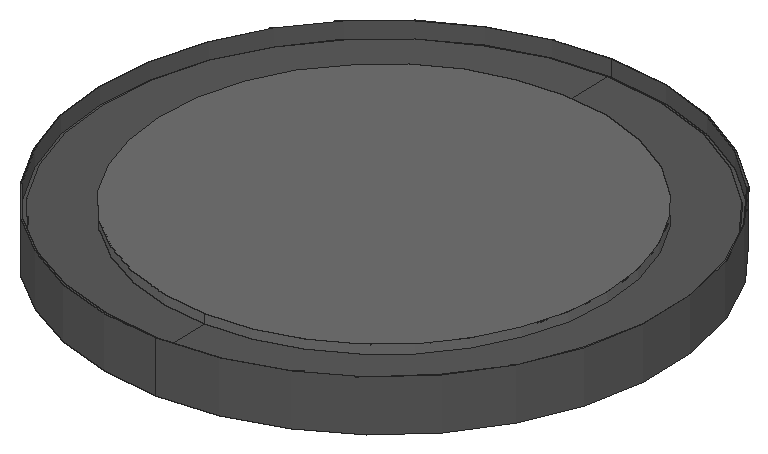
Revit family "Heater-Bromic-Eclipse-Electric-Ceiling-Mounted_EU", category Mechanical Equipment, host Face, Revit 2020
Family settings
  Host = Face
  Round Connector Dimension = Use Diameter
  Classification = None
  Part Type = Normal
  OmniClass Number = 23.75.10.14
  OmniClass Title = Independent Electric Heating Units
  Cut with Voids When Loaded = No
  Shared = No
  Room Calculation Point = No
Parameters (values of type "Eclipse Electric - Ceiling Mounted")
  visSingleStraightPole [instance] = MountTypeSelector < 4  # yes
  visRoundCeilingRose [instance] = not(MountTypeSelector = 4)  # yes
  calcSideClearances = 700.024 mm + 457.2 mm + 457.2 mm  # 1614.424 mm
  calcHostOffset [instance] = if(MountTypeSelector < 2, 203 mm, if(MountTypeSelector = 3, 1219 mm, 610 mm))  # 203 mm
  calcEngagementLength [instance] = if(MountTypeSelector < 3, 27 mm, if(MountTypeSelector = 4, 32 mm, 30.5 mm))  # 27 mm
  calcCeilingRoseDepth [instance] = if(MountTypeSelector > 4, 13 mm, 15 mm)  # 15 mm
  Wattage = 3000 W  # constant formula
  Voltage = 240 V
  ProductCode = "BH0920011"  # constant formula
  Product data url = "https://www.bimobject.com/bromic-heating/product/eclipse-smart-heat-electric"
  Power Factor = 1
  Mounting Type Info [instance] = if(MountTypeSelector = 1, "Eclipse 200mm Straight Pole", if(MountTypeSelector = 2, "Eclipse 600mm Straight Pole", if(MountTypeSelector = 3, "Eclipse 1200mm Straight Pole", if(MountTypeSelector = 4, "Eclipse 600mm Twin Pole", "Eclipse Curved Pole"))))  # "Eclipse 200mm Straight Pole"
  Mounting Type [instance] = Pole : Eclipse 200mm Straight Pole
  Material = Metal-Steel-Bromic-Black
  Height [instance] = if(MountTypeSelector < 2, 203.2 mm, if(MountTypeSelector = 3, 1219.2 mm, 609.6 mm))  # 203.2 mm
  Frequency = 60 Hz
  Diameter = 711.2 mm  # constant formula
  Approximate Heat Area = 11 m²  # constant formula
  Apparent Load = 3000 VA  # constant formula
  200mm Straight Pole_parameter = Pole : Eclipse 200mm Straight Pole
  1200mm Straight Pole_parameter = Pole : Eclipse 1200mm Straight Pole
  600mm Twin Pole_parameter = Pole : Eclipse 600mm Twin Pole
  600mm Straight Pole_parameter = Pole : Eclipse 600mm Straight Pole
  600mm Curved Pole_parameter = Pole : Eclipse Curved Pole
  Utility = no
  URL = "https://www.bromic.co.uk/product/eclipse-smart-heat-electric/"
  SideClearance = 457.2 mm  # constant formula
  Show Clearance [instance] = no
  Number of Poles = 1
  MountTypeSelector [instance] = if([1 = 200mm Straight Pole], 1, if([2 = 600mm Straight Pole], 2, if([3 = 1200mm Straight Pole], 3, if([4 = 600mm Twin Pole], 4, 5))))  # 1
  Model = "Eclipse Smart-Heat™ Electric"  # constant formula
  Manufacturer = "Bromic Heating"  # constant formula
  Load Sub-Classification Motor = no
  Load Classification = Other
  FloorClearance = 2438.4 mm  # constant formula
  Description = "The Eclipse Smart-Heat Electric heater is equipped with 3 different heat outputs up to 2900W and a dimmable LED light railing. Available in six unique mounting options, the Eclipse Smart-Heat™ series adds style, warmth and light to design-focused outdoor spaces."  # constant formula
  Default Elevation = 0 mm
  Connector Description = ""
  5 = 600mm Curved Pole [instance] = Mounting Type = [600mm Curved Pole_parameter]  # no
  4 = 600mm Twin Pole [instance] = Mounting Type = [600mm Twin Pole_parameter]  # no
  3 = 1200mm Straight Pole [instance] = Mounting Type = [1200mm Straight Pole_parameter]  # no
  2 = 600mm Straight Pole [instance] = Mounting Type = [600mm Straight Pole_parameter]  # no
  1 = 200mm Straight Pole [instance] = Mounting Type = [200mm Straight Pole_parameter]  # yes
Reference planes
  plane 1 "Center (Front/Back)": y = 0
  plane 2: z = 0
  plane 3 "Center (Left/Right)": x = 0
  plane 4 "Heater": z = 92.5
  plane 5: z = 15
  plane 6: z = 119.5
  plane 7: z = 203
  plane 8: z = 38.5
  plane 9: z = 2641.4
  plane 10: x = 807.212
  plane 11: x = -807.212
  plane 12: y = 807.212
  plane 13: y = -807.212
Forms (mm)
  Extrusion 1, solid, material "Metal-Steel-Bromic-Black" <- "Material", visible <- "visRoundCeilingRose", detail levels coarse
    sketch origin (0, 0, 92.5) x (-1, 0, 0) y (0, -1, 0)
      loop
        circle (0, 0) r 55
    from -92.5 to -77.5
  Extrusion 2, solid, material "Metal-Steel-Bromic-Black" <- "Material", visible <- "visSingleStraightPole"
    sketch origin (0, 0, 92.5) x (-1, 0, 0) y (0, -1, 0)
      loop
        circle (0, 0) r 21.35
    from -77.5 to 27
  Revolve 3, solid, material "Metal-Steel-Bromic-Black" <- "Material", visible <- "visRoundCeilingRose", detail levels medium+fine
    sketch origin (0, 0, 0) x (1, 0, 0) y (0, 0, 1)
      loop
        line (-55, 0) -> (0, 0) -> (0, 15) -> (-52.5, 15)
        arc (-52.5, 15) -> (-54.268, 14.268) -> (-55, 12.5) r 2.5
        line (-55, 12.5) -> (-55, 0)
      axis (0, 15) -> (0, 0)
    angle from 0 to 360
  Sweep 4, solid, material "Metal-Steel-Bromic-Black" <- "Material", visible <- "5 = 600mm Curved Pole"
    path origin (0, 0, 0) x (1, 0, 0) y (0, 0, 1)
      loop
        line (-21.359, 15) -> (-21.359, 38.265)
        spline (-21.359, 38.265) -> (18.816, 78.175) -> (46.449, 120.27) -> (63.621, 162.616) -> (72.411, 203.283) -> (74.811, 240.563) -> (72.062, 274.628) -> (65.028, 306.592) -> (54.572, 337.574) -> (41.527, 368.71) -> (25.626, 401.724) -> (5.236, 439.075) -> (-21.359, 483.265)
        line (-21.359, 483.265) -> (-21.359, 531.1)
    profile origin (-21.359, 0, 26.633) x (-1, 0, 0) y (0, -1, 0)
      loop
        circle (-21.35, 0) r 21.35
  Extrusion 5, solid, material "Metal-Steel-Bromic-Black" <- "Material", visible <- "4 = 600mm Twin Pole"
    sketch origin (0, 0, 92.5) x (-1, 0, 0) y (0, -1, 0)
      loop
        circle (16.8, 0) r 10.75
      loop
        circle (-16.8, 0) r 10.75
    from -77.5 to -54
  Extrusion 6, solid, material "Metal-Steel-Bromic-Black" <- "Material", visible <- "4 = 600mm Twin Pole"
    sketch origin (0, 0, 92.5) x (-1, 0, 0) y (0, -1, 0)
      loop
        line (-27.5, -38.5) -> (27.5, -38.5)
        arc (27.5, -38.5) -> (66, 0) -> (27.5, 38.5) r 38.5
        line (27.5, 38.5) -> (-27.5, 38.5)
        arc (-27.5, 38.5) -> (-66, 0) -> (-27.5, -38.5) r 38.5
    from -92.5 to -77.5
  Extrusion 7, solid, material "Metal-Steel-Bromic-Black" <- "Material", visible <- "4 = 600mm Twin Pole"
    sketch origin (0, 0, 0) x (1, 0, 0) y (0, 1, 0)
      loop
        arc (-27.5, 22) -> (-49.5, 0) -> (-27.5, -22) r 22
        line (-27.5, -22) -> (27.5, -22)
        arc (27.5, -22) -> (49.5, 0) -> (27.5, 22) r 22
        line (27.5, 22) -> (-27.5, 22)
    from 38.5 to 119.5
  Extrusion 8, solid, material "Clearance Zone", visible <- "Show Clearance"
    sketch origin (0, 0, 92.5) x (-1, 0, 0) y (0, -1, 0)
      loop
        circle (0, 0) r 807.212
    from -92.5 to 2548.9
Cuts and joins
  joined: Extrusion 5, Extrusion 6, Extrusion 7
Lines and regions (mm)
  Masking region 1
    outline origin (0, 0, 92.5) x (-1, 0, 0) y (0, -1, 0)
      loop
        circle (0, 0) r 350
  symbolic lines, style "Clearance", visible <- "Show Clearance"
    curve 1: circle (0, 0, 92.5) r 807.212 normal (0, 0, 1)
    curve 2: line (-807.212, 0, 2641.4) -> (807.212, 0, 2641.4)
    curve 3: line (-807.212, 0, 0) -> (-807.212, 0, 2641.4)
    curve 4: line (807.212, 0, 0) -> (-807.212, 0, 0)
    curve 5: line (807.212, 0, 2641.4) -> (807.212, 0, 0)
    curve 6: line (0, 807.212, 2641.4) -> (0, -807.212, 2641.4)
    curve 7: line (0, 807.212, 0) -> (0, 807.212, 2641.4)
    curve 8: line (0, -807.212, 0) -> (0, 807.212, 0)
    curve 9: line (0, -807.212, 2641.4) -> (0, -807.212, 0)
  symbolic lines, detail levels medium+fine
    curve 10: circle (0, 0, 92.5) r 89.845 normal (0, 0, 1)
    curve 11: circle (0, 0, 92.5) r 77.845 normal (0, 0, 1)
    curve 12: circle (0, 0, 92.5) r 57.529 normal (0, 0, 1)
Dimensions and locks
  "calcCeilingRoseDepth": plane 5 to plane 2
  "calcEngagementLength": plane 6 to plane 4 "Heater"
  "calcHostOffset": plane 7 to plane 2
  locked: plane 7 to plane 4 "Heater" at 110.5
  locked: plane 3 "Center (Left/Right)" to Revolve 3 sketch curve at 55
  Sweep 4 sketch curve to Sweep 4 sketch curve to Sweep 4 sketch curve to plane 5 = 47.835 mm locked, 445 mm locked, 23.265 mm locked
  locked: Extrusion 5 sketch curve to plane 3 "Center (Left/Right)" at 16.8
  locked: plane 3 "Center (Left/Right)" to Extrusion 5 sketch curve at 16.8
  locked: plane 6 to plane 8 at 81
  "FloorClearance": plane 9 to plane 7
  equal spacing: plane 10, plane 3 "Center (Left/Right)", plane 11
  "calcSideClearances": plane 10 to plane 11
  equal spacing: plane 13, plane 1 "Center (Front/Back)", plane 12
  equal spacing: plane 11, plane 3 "Center (Left/Right)", plane 10
  "calcSideClearances": plane 13 to plane 12
  radius of Extrusion 2 sketch curve = 21.35 mm
  radius of Revolve 3 sketch curve = 2.5 mm
  "calcSideClearances": diameter of Extrusion 8 sketch curve
  aligned and locked: plane 2 to host face
  aligned and locked: level to host face
  aligned and locked: plane 1 "Center (Front/Back)" to nested 1
  aligned and locked: plane 3 "Center (Left/Right)" to nested 1
  aligned and locked: plane 1 "Center (Front/Back)" to Extrusion 1 sketch curve
  aligned and locked: plane 3 "Center (Left/Right)" to Extrusion 1 sketch curve
  aligned and locked: Extrusion 1 to plane 2
  aligned and locked: plane 5 to Extrusion 1
  aligned and locked: plane 1 "Center (Front/Back)" to Extrusion 2 sketch curve
  aligned and locked: plane 3 "Center (Left/Right)" to Extrusion 2 sketch curve
  aligned and locked: Extrusion 2 to plane 5
  aligned and locked: plane 6 to Extrusion 2
  aligned and locked: Revolve 3 sketch curve to plane 2
  aligned and locked: Revolve 3 sketch curve to plane 5
  aligned and locked: Revolve 3 sketch curve to plane 3 "Center (Left/Right)"  (x2)
  aligned and locked: plane 5 to Sweep 4 sketch curve
  aligned and locked: plane 1 "Center (Front/Back)" to Extrusion 5 sketch curve  (x2)
  aligned and locked: plane 8 to Extrusion 5
  aligned and locked: Extrusion 5 to plane 5
  aligned and locked: plane 5 to Extrusion 6
  aligned and locked: Extrusion 6 to plane 2
  aligned and locked: plane 6 to Extrusion 7
  aligned and locked: Extrusion 7 to plane 8
  aligned and locked: plane 3 "Center (Left/Right)" to Extrusion 8 sketch curve
  aligned and locked: plane 1 "Center (Front/Back)" to Extrusion 8 sketch curve
  aligned and locked: plane 9 to Extrusion 8
  aligned and locked: Extrusion 8 to plane 2
  aligned and locked: curve 1 to Extrusion 8
  aligned and locked: curve 2 to plane 9
  aligned and locked: curve 5 to plane 10
  aligned and locked: plane 11 to curve 3
  aligned and locked: plane 2 to curve 4
  aligned and locked: curve 6 to plane 9
  aligned and locked: plane 12 to curve 7
  aligned and locked: curve 9 to plane 13
  aligned and locked: plane 2 to curve 8
Automatic sketch dimensions
  host sketch curve to host sketch curve = 2438.4 mm  (x2)
  Revolve 3 sketch curve to Revolve 3 sketch curve = 23.554 mm
  Revolve 3 sketch curve to Revolve 3 sketch curve = 35 mm
  plane 1 "Center (Front/Back)" to Sweep 4 sketch curve = 0 mm
  profile plane to Sweep 4 sketch curve = 21.35 mm
  Sweep 4 sketch curve to plane 3 "Center (Left/Right)" = 21.359 mm
  plane 1 "Center (Front/Back)" to Extrusion 6 sketch curve = 0 mm
  plane 3 "Center (Left/Right)" to Extrusion 6 sketch curve = 27.5 mm
  Extrusion 6 sketch curve to plane 3 "Center (Left/Right)" = 27.5 mm
  Extrusion 6 sketch curve to Extrusion 6 sketch curve = 38.5 mm
  plane 1 "Center (Front/Back)" to Extrusion 7 sketch curve = 0 mm
  Extrusion 7 sketch curve to plane 3 "Center (Left/Right)" = 27.5 mm
  plane 3 "Center (Left/Right)" to Extrusion 7 sketch curve = 27.5 mm
  Extrusion 7 sketch curve to Extrusion 7 sketch curve = 22 mm
  plane 1 "Center (Front/Back)" to Masking region 1 sketch curve = 0 mm
  Masking region 1 sketch curve to plane 3 "Center (Left/Right)" = 0 mm
  curve 1 to curve 10 = 0 mm  (x2)
  curve 1 to curve 11 = 0 mm  (x2)
  curve 1 to curve 12 = 0 mm  (x2)
  radius of Extrusion 1 sketch curve = 55 mm
  radius of Sweep 4 sketch curve = 21.35 mm
  radius of Extrusion 5 sketch curve = 10.75 mm  (x2)
  radius of Masking region 1 sketch curve = 350 mm
  radius of curve 10 = 89.845 mm
  radius of curve 11 = 77.845 mm
  radius of curve 12 = 57.529 mm
Nested families
  nested 1: "X_Bromic_Eclipse_Head" at (0, 0, 92.5), type "Standard"
    with Show Heater On no, Show Heater Off yes
Connectors
  electrical at (0, 0, 0), driven by "Voltage", driven by "Power Factor", driven by "Number of Poles", driven by "Load Classification", driven by "Load Sub-Classification Motor", driven by "Apparent Load", driven by "Utility", driven by "Connector Description"
    settings: on Revolve 3, index 1, voltage 240 V, apparent load 0 VA, apparent load phase1 3000 VA, apparent load phase2 0 VA, apparent load phase3 0 VA, power factor 1, load classification "Other", number of poles 1, system type 31, power factor state 1, is connector primary yes, connector utility no, sub classification motor no, connector description ""
Definition of nested family "X_Bromic_Eclipse_Head"
  Parameters (values of type "Standard")
    Show Heater On [instance] = yes
    Show Heater Off [instance] = not(Show Heater On)  # no
    Material = none
    Default Elevation = 1219.2 mm
  Reference planes
    plane 1 "Center (Front/Back)": y = 0
    plane 2: z = 0
    plane 3 "Center (Left/Right)": x = 0
  Forms (mm)
    Extrusion 1, solid
      sketch origin (0, 0, 0) x (1, 0, 0) y (0, 1, 0)
        loop
          line (-1219.2, 1219.2) -> (-1219.2, -1219.2) -> (1219.2, -1219.2) -> (1219.2, 1219.2) -> (-1219.2, 1219.2)
      from 0 to -304.8
    Revolve 2, solid, material <- "Material", detail levels medium+fine
      sketch origin (0, 1632.698, 2242.5) x (0, 1, 0) y (0, 0, -1)
        loop
          line (-1632.698, 2242.5) -> (-1632.698, 2149.5) -> (-1288.798, 2149.5) -> (-1288.798, 2152) -> (-1283.698, 2152) -> (-1283.698, 2132) -> (-1282.698, 2132) -> (-1282.698, 2195.5) -> (-1542.854, 2195.5) -> (-1554.854, 2207.5) -> (-1575.169, 2207.5) -> (-1575.169, 2209.5) -> (-1614.7, 2209.5) -> (-1614.7, 2242.5) -> (-1632.698, 2242.5)
        axis (-1632.698, 2132) -> (-1632.698, 2242.5)
      angle from 0 to 360
    Extrusion 3, solid, material <- "Material", detail levels coarse
      sketch origin (0, 0, 0) x (1, 0, 0) y (0, 1, 0)
        loop
          circle (0, 0) r 350
      from 47 to 110.5
    Extrusion 4, solid, material <- "Material", detail levels coarse
      sketch origin (0, 0, 0) x (1, 0, 0) y (0, 1, 0)
        loop
          circle (0, 0) r 17.998
      from 0 to 47
    Extrusion 5, solid, visible <- "Show Heater On", detail levels medium+fine
      sketch origin (0, 0, 0) x (1, 0, 0) y (0, 1, 0)
        loop
          circle (0, 0) r 275.006
      from 93 to 104
    Extrusion 6, solid, visible <- "Show Heater Off", detail levels medium+fine
      sketch origin (0, 0, 0) x (1, 0, 0) y (0, 1, 0)
        loop
          circle (0, 0) r 275.006
      from 93 to 104
  Dimensions and locks
    aligned and locked: plane 2 to Extrusion 1
    aligned and locked: level to Extrusion 1
    aligned and locked: Revolve 2 sketch curve to Revolve 2 sketch curve
    aligned and locked: Extrusion 4 to Revolve 2
